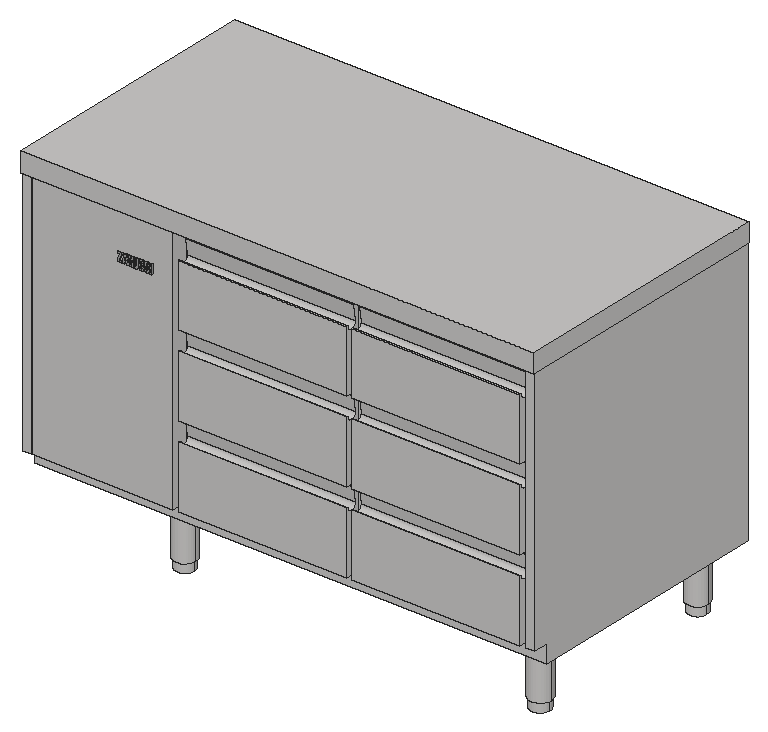
Revit family "QF_ZANUSSI_111033_ZH2HBCC", category Specialty Equipment, Revit 2018 (continued)
Definition of nested family "ZAN_Cooling Unit"
  Lines and regions (mm)
    Split face 128
      outline origin (55.016, 2, -281.14) x (0, 0, 1) y (-1, 0, 0)
        loop
          line (502.647, 158.547) -> (502.647, 116.535)
          arc (502.647, 116.535) -> (506.648, 112.533) -> (510.649, 116.535) r 4.001
          line (510.649, 116.535) -> (510.649, 158.547)
    Split face 129
      outline origin (55.016, 2, -293.144) x (0, 0, 1) y (-1, 0, 0)
        loop
          arc (510.649, 158.547) -> (506.648, 162.548) -> (502.647, 158.547) r 4.001
          line (502.647, 158.547) -> (502.647, 116.535)
          arc (502.647, 116.535) -> (506.648, 112.533) -> (510.649, 116.535) r 4.001
          line (510.649, 116.535) -> (510.649, 158.547)
    Split face 130
      outline origin (110.032, 2, -113.091) x (0, 0, 1) y (-1, 0, 0)
        loop
          arc (510.649, 158.547) -> (506.648, 162.548) -> (502.647, 158.547) r 4.001
          line (502.647, 158.547) -> (502.647, 116.535)
          arc (502.647, 116.535) -> (506.648, 112.533) -> (510.649, 116.535) r 4.001
          line (510.649, 116.535) -> (510.649, 158.547)
    Split face 131
      outline origin (110.032, 2, -125.094) x (0, 0, 1) y (-1, 0, 0)
        loop
          arc (510.649, 158.547) -> (506.648, 162.548) -> (502.647, 158.547) r 4.001
          line (502.647, 158.547) -> (502.647, 116.535)
          arc (502.647, 116.535) -> (506.648, 112.533) -> (510.649, 116.535) r 4.001
          line (510.649, 116.535) -> (510.649, 158.547)
    Split face 132
      outline origin (110.032, 2, -137.098) x (0, 0, 1) y (-1, 0, 0)
        loop
          arc (510.649, 158.547) -> (506.648, 162.548) -> (502.647, 158.547) r 4.001
          line (502.647, 158.547) -> (502.647, 116.535)
          arc (502.647, 116.535) -> (506.648, 112.533) -> (510.649, 116.535) r 4.001
          line (510.649, 116.535) -> (510.649, 158.547)
    Split face 133
      outline origin (110.032, 2, -149.101) x (0, 0, 1) y (-1, 0, 0)
        loop
          arc (510.649, 158.547) -> (506.648, 162.548) -> (502.647, 158.547) r 4.001
          line (502.647, 158.547) -> (502.647, 116.535)
          arc (502.647, 116.535) -> (506.648, 112.533) -> (510.649, 116.535) r 4.001
          line (510.649, 116.535) -> (510.649, 158.547)
    Split face 134
      outline origin (110.032, 2, -161.105) x (0, 0, 1) y (-1, 0, 0)
        loop
          arc (510.649, 158.547) -> (506.648, 162.548) -> (502.647, 158.547) r 4.001
          line (502.647, 158.547) -> (502.647, 116.535)
          arc (502.647, 116.535) -> (506.648, 112.533) -> (510.649, 116.535) r 4.001
          line (510.649, 116.535) -> (510.649, 158.547)
    Split face 135
      outline origin (110.032, 2, -173.108) x (0, 0, 1) y (-1, 0, 0)
        loop
          arc (510.649, 158.547) -> (506.648, 162.548) -> (502.647, 158.547) r 4.001
          line (502.647, 158.547) -> (502.647, 116.535)
          arc (502.647, 116.535) -> (506.648, 112.533) -> (510.649, 116.535) r 4.001
          line (510.649, 116.535) -> (510.649, 158.547)
    Split face 136
      outline origin (110.032, 2, -185.112) x (0, 0, 1) y (-1, 0, 0)
        loop
          arc (510.649, 158.547) -> (506.648, 162.548) -> (502.647, 158.547) r 4.001
          line (502.647, 158.547) -> (502.647, 116.535)
          arc (502.647, 116.535) -> (506.648, 112.533) -> (510.649, 116.535) r 4.001
          line (510.649, 116.535) -> (510.649, 158.547)
    Split face 137
      outline origin (110.032, 2, -197.115) x (0, 0, 1) y (-1, 0, 0)
        loop
          arc (510.649, 158.547) -> (506.648, 162.548) -> (502.647, 158.547) r 4.001
          line (502.647, 158.547) -> (502.647, 116.535)
          arc (502.647, 116.535) -> (506.648, 112.533) -> (510.649, 116.535) r 4.001
          line (510.649, 116.535) -> (510.649, 158.547)
    Split face 138
      outline origin (110.032, 2, -209.119) x (0, 0, 1) y (-1, 0, 0)
        loop
          arc (510.649, 158.547) -> (506.648, 162.548) -> (502.647, 158.547) r 4.001
          line (502.647, 158.547) -> (502.647, 116.535)
          arc (502.647, 116.535) -> (506.648, 112.533) -> (510.649, 116.535) r 4.001
          line (510.649, 116.535) -> (510.649, 158.547)
    Split face 139
      outline origin (110.032, 2, -221.122) x (0, 0, 1) y (-1, 0, 0)
        loop
          arc (510.649, 158.547) -> (506.648, 162.548) -> (502.647, 158.547) r 4.001
          line (502.647, 158.547) -> (502.647, 116.535)
          arc (502.647, 116.535) -> (506.648, 112.533) -> (510.649, 116.535) r 4.001
          line (510.649, 116.535) -> (510.649, 158.547)
    Split face 140
      outline origin (110.032, 2, -233.126) x (0, 0, 1) y (-1, 0, 0)
        loop
          arc (510.649, 158.547) -> (506.648, 162.548) -> (502.647, 158.547) r 4.001
          line (502.647, 158.547) -> (502.647, 116.535)
          arc (502.647, 116.535) -> (506.648, 112.533) -> (510.649, 116.535) r 4.001
          line (510.649, 116.535) -> (510.649, 158.547)
    Split face 141
      outline origin (110.032, 2, -245.129) x (0, 0, 1) y (-1, 0, 0)
        loop
          arc (510.649, 158.547) -> (506.648, 162.548) -> (502.647, 158.547) r 4.001
          line (502.647, 158.547) -> (502.647, 116.535)
          arc (502.647, 116.535) -> (506.648, 112.533) -> (510.649, 116.535) r 4.001
          line (510.649, 116.535) -> (510.649, 158.547)
    Split face 142
      outline origin (110.032, 2, -257.133) x (0, 0, 1) y (-1, 0, 0)
        loop
          arc (510.649, 158.547) -> (506.648, 162.548) -> (502.647, 158.547) r 4.001
          line (502.647, 158.547) -> (502.647, 116.535)
          arc (502.647, 116.535) -> (506.648, 112.533) -> (510.649, 116.535) r 4.001
          line (510.649, 116.535) -> (510.649, 158.547)
    Split face 143
      outline origin (110.032, 2, -269.136) x (0, 0, 1) y (-1, 0, 0)
        loop
          arc (510.649, 158.547) -> (506.648, 162.548) -> (502.647, 158.547) r 4.001
          line (502.647, 158.547) -> (502.647, 116.535)
          arc (502.647, 116.535) -> (506.648, 112.533) -> (510.649, 116.535) r 4.001
          line (510.649, 116.535) -> (510.649, 158.547)
    Split face 144
      outline origin (110.032, 2, -281.14) x (0, 0, 1) y (-1, 0, 0)
        loop
          arc (510.649, 158.547) -> (506.648, 162.548) -> (502.647, 158.547) r 4.001
          line (502.647, 158.547) -> (502.647, 116.535)
          arc (502.647, 116.535) -> (506.648, 112.533) -> (510.649, 116.535) r 4.001
          line (510.649, 116.535) -> (510.649, 158.547)
    Split face 145
      outline origin (110.032, 2, -293.144) x (0, 0, 1) y (-1, 0, 0)
        loop
          arc (510.649, 158.547) -> (506.648, 162.548) -> (502.647, 158.547) r 4.001
          line (502.647, 158.547) -> (502.647, 116.535)
          arc (502.647, 116.535) -> (506.648, 112.533) -> (510.649, 116.535) r 4.001
          line (510.649, 116.535) -> (510.649, 158.547)
    Split face 146
      outline origin (165.048, 2, -113.091) x (0, 0, 1) y (-1, 0, 0)
        loop
          arc (510.649, 158.547) -> (506.648, 162.548) -> (502.647, 158.547) r 4.001
          line (502.647, 158.547) -> (502.647, 116.535)
          arc (502.647, 116.535) -> (506.648, 112.533) -> (510.649, 116.535) r 4.001
          line (510.649, 116.535) -> (510.649, 158.547)
    Split face 147
      outline origin (165.048, 2, -125.094) x (0, 0, 1) y (-1, 0, 0)
        loop
          arc (510.649, 158.547) -> (506.648, 162.548) -> (502.647, 158.547) r 4.001
          line (502.647, 158.547) -> (502.647, 116.535)
          arc (502.647, 116.535) -> (506.648, 112.533) -> (510.649, 116.535) r 4.001
          line (510.649, 116.535) -> (510.649, 158.547)
    Split face 148
      outline origin (165.048, 2, -137.098) x (0, 0, 1) y (-1, 0, 0)
        loop
          arc (510.649, 158.547) -> (506.648, 162.548) -> (502.647, 158.547) r 4.001
          line (502.647, 158.547) -> (502.647, 116.535)
          arc (502.647, 116.535) -> (506.648, 112.533) -> (510.649, 116.535) r 4.001
          line (510.649, 116.535) -> (510.649, 158.547)
    Split face 149
      outline origin (165.048, 2, -149.101) x (0, 0, 1) y (-1, 0, 0)
        loop
          arc (510.649, 158.547) -> (506.648, 162.548) -> (502.647, 158.547) r 4.001
          line (502.647, 158.547) -> (502.647, 116.535)
          arc (502.647, 116.535) -> (506.648, 112.533) -> (510.649, 116.535) r 4.001
          line (510.649, 116.535) -> (510.649, 158.547)
    Split face 150
      outline origin (165.048, 2, -161.105) x (0, 0, 1) y (-1, 0, 0)
        loop
          arc (510.649, 158.547) -> (506.648, 162.548) -> (502.647, 158.547) r 4.001
          line (502.647, 158.547) -> (502.647, 116.535)
          arc (502.647, 116.535) -> (506.648, 112.533) -> (510.649, 116.535) r 4.001
          line (510.649, 116.535) -> (510.649, 158.547)
    Split face 151
      outline origin (165.048, 2, -173.108) x (0, 0, 1) y (-1, 0, 0)
        loop
          arc (510.649, 158.547) -> (506.648, 162.548) -> (502.647, 158.547) r 4.001
          line (502.647, 158.547) -> (502.647, 116.535)
          arc (502.647, 116.535) -> (506.648, 112.533) -> (510.649, 116.535) r 4.001
          line (510.649, 116.535) -> (510.649, 158.547)
    Split face 152
      outline origin (165.048, 2, -185.112) x (0, 0, 1) y (-1, 0, 0)
        loop
          arc (510.649, 158.547) -> (506.648, 162.548) -> (502.647, 158.547) r 4.001
          line (502.647, 158.547) -> (502.647, 116.535)
          arc (502.647, 116.535) -> (506.648, 112.533) -> (510.649, 116.535) r 4.001
          line (510.649, 116.535) -> (510.649, 158.547)
    Split face 153
      outline origin (165.048, 2, -197.115) x (0, 0, 1) y (-1, 0, 0)
        loop
          arc (510.649, 158.547) -> (506.648, 162.548) -> (502.647, 158.547) r 4.001
          line (502.647, 158.547) -> (502.647, 116.535)
          arc (502.647, 116.535) -> (506.648, 112.533) -> (510.649, 116.535) r 4.001
          line (510.649, 116.535) -> (510.649, 158.547)
    Split face 154
      outline origin (165.048, 2, -209.119) x (0, 0, 1) y (-1, 0, 0)
        loop
          arc (510.649, 158.547) -> (506.648, 162.548) -> (502.647, 158.547) r 4.001
          line (502.647, 158.547) -> (502.647, 116.535)
          arc (502.647, 116.535) -> (506.648, 112.533) -> (510.649, 116.535) r 4.001
          line (510.649, 116.535) -> (510.649, 158.547)
    Split face 155
      outline origin (165.048, 2, -221.122) x (0, 0, 1) y (-1, 0, 0)
        loop
          arc (510.649, 158.547) -> (506.648, 162.548) -> (502.647, 158.547) r 4.001
          line (502.647, 158.547) -> (502.647, 116.535)
          arc (502.647, 116.535) -> (506.648, 112.533) -> (510.649, 116.535) r 4.001
          line (510.649, 116.535) -> (510.649, 158.547)
    Split face 156
      outline origin (165.048, 2, -233.126) x (0, 0, 1) y (-1, 0, 0)
        loop
          arc (510.649, 158.547) -> (506.648, 162.548) -> (502.647, 158.547) r 4.001
          line (502.647, 158.547) -> (502.647, 116.535)
          arc (502.647, 116.535) -> (506.648, 112.533) -> (510.649, 116.535) r 4.001
          line (510.649, 116.535) -> (510.649, 158.547)
    Split face 157
      outline origin (165.048, 2, -245.129) x (0, 0, 1) y (-1, 0, 0)
        loop
          arc (510.649, 158.547) -> (506.648, 162.548) -> (502.647, 158.547) r 4.001
          line (502.647, 158.547) -> (502.647, 116.535)
          arc (502.647, 116.535) -> (506.648, 112.533) -> (510.649, 116.535) r 4.001
          line (510.649, 116.535) -> (510.649, 158.547)
    Split face 158
      outline origin (165.048, 2, -257.133) x (0, 0, 1) y (-1, 0, 0)
        loop
          arc (510.649, 158.547) -> (506.648, 162.548) -> (502.647, 158.547) r 4.001
          line (502.647, 158.547) -> (502.647, 116.535)
          arc (502.647, 116.535) -> (506.648, 112.533) -> (510.649, 116.535) r 4.001
          line (510.649, 116.535) -> (510.649, 158.547)
    Split face 159
      outline origin (165.048, 2, -269.136) x (0, 0, 1) y (-1, 0, 0)
        loop
          arc (510.649, 158.547) -> (506.648, 162.548) -> (502.647, 158.547) r 4.001
          line (502.647, 158.547) -> (502.647, 116.535)
          arc (502.647, 116.535) -> (506.648, 112.533) -> (510.649, 116.535) r 4.001
          line (510.649, 116.535) -> (510.649, 158.547)
    Split face 160
      outline origin (165.048, 2, -281.14) x (0, 0, 1) y (-1, 0, 0)
        loop
          arc (510.649, 158.547) -> (506.648, 162.548) -> (502.647, 158.547) r 4.001
          line (502.647, 158.547) -> (502.647, 116.535)
          arc (502.647, 116.535) -> (506.648, 112.533) -> (510.649, 116.535) r 4.001
          line (510.649, 116.535) -> (510.649, 158.547)
    Split face 161
      outline origin (165.048, 2, -293.144) x (0, 0, 1) y (-1, 0, 0)
        loop
          arc (510.649, 158.547) -> (506.648, 162.548) -> (502.647, 158.547) r 4.001
          line (502.647, 158.547) -> (502.647, 116.535)
          arc (502.647, 116.535) -> (506.648, 112.533) -> (510.649, 116.535) r 4.001
          line (510.649, 116.535) -> (510.649, 158.547)
    Split face 162
      outline origin (220.064, 2, -113.091) x (0, 0, 1) y (-1, 0, 0)
        loop
          arc (510.649, 158.547) -> (506.648, 162.548) -> (502.647, 158.547) r 4.001
          line (502.647, 158.547) -> (502.647, 116.535)
          arc (502.647, 116.535) -> (506.648, 112.533) -> (510.649, 116.535) r 4.001
          line (510.649, 116.535) -> (510.649, 158.547)
    Split face 163
      outline origin (220.064, 2, -125.094) x (0, 0, 1) y (-1, 0, 0)
        loop
          arc (510.649, 158.547) -> (506.648, 162.548) -> (502.647, 158.547) r 4.001
          line (502.647, 158.547) -> (502.647, 116.535)
          arc (502.647, 116.535) -> (506.648, 112.533) -> (510.649, 116.535) r 4.001
          line (510.649, 116.535) -> (510.649, 158.547)
    Split face 164
      outline origin (220.064, 2, -137.098) x (0, 0, 1) y (-1, 0, 0)
        loop
          arc (510.649, 158.547) -> (506.648, 162.548) -> (502.647, 158.547) r 4.001
          line (502.647, 158.547) -> (502.647, 116.535)
          arc (502.647, 116.535) -> (506.648, 112.533) -> (510.649, 116.535) r 4.001
          line (510.649, 116.535) -> (510.649, 158.547)
    Split face 165
      outline origin (220.064, 2, -149.101) x (0, 0, 1) y (-1, 0, 0)
        loop
          arc (510.649, 158.547) -> (506.648, 162.548) -> (502.647, 158.547) r 4.001
          line (502.647, 158.547) -> (502.647, 116.535)
          arc (502.647, 116.535) -> (506.648, 112.533) -> (510.649, 116.535) r 4.001
          line (510.649, 116.535) -> (510.649, 158.547)
    Split face 166
      outline origin (220.064, 2, -161.105) x (0, 0, 1) y (-1, 0, 0)
        loop
          arc (510.649, 158.547) -> (506.648, 162.548) -> (502.647, 158.547) r 4.001
          line (502.647, 158.547) -> (502.647, 116.535)
          arc (502.647, 116.535) -> (506.648, 112.533) -> (510.649, 116.535) r 4.001
          line (510.649, 116.535) -> (510.649, 158.547)
    Split face 167
      outline origin (220.064, 2, -173.108) x (0, 0, 1) y (-1, 0, 0)
        loop
          arc (510.649, 158.547) -> (506.648, 162.548) -> (502.647, 158.547) r 4.001
          line (502.647, 158.547) -> (502.647, 116.535)
          arc (502.647, 116.535) -> (506.648, 112.533) -> (510.649, 116.535) r 4.001
          line (510.649, 116.535) -> (510.649, 158.547)
    Split face 168
      outline origin (220.064, 2, -185.112) x (0, 0, 1) y (-1, 0, 0)
        loop
          arc (510.649, 158.547) -> (506.648, 162.548) -> (502.647, 158.547) r 4.001
          line (502.647, 158.547) -> (502.647, 116.535)
          arc (502.647, 116.535) -> (506.648, 112.533) -> (510.649, 116.535) r 4.001
          line (510.649, 116.535) -> (510.649, 158.547)
    Split face 169
      outline origin (220.064, 2, -197.115) x (0, 0, 1) y (-1, 0, 0)
        loop
          arc (510.649, 158.547) -> (506.648, 162.548) -> (502.647, 158.547) r 4.001
          line (502.647, 158.547) -> (502.647, 116.535)
          arc (502.647, 116.535) -> (506.648, 112.533) -> (510.649, 116.535) r 4.001
          line (510.649, 116.535) -> (510.649, 158.547)
    Split face 170
      outline origin (220.064, 2, -209.119) x (0, 0, 1) y (-1, 0, 0)
        loop
          arc (510.649, 158.547) -> (506.648, 162.548) -> (502.647, 158.547) r 4.001
          line (502.647, 158.547) -> (502.647, 116.535)
          arc (502.647, 116.535) -> (506.648, 112.533) -> (510.649, 116.535) r 4.001
          line (510.649, 116.535) -> (510.649, 158.547)
    Split face 171
      outline origin (220.064, 2, -221.122) x (0, 0, 1) y (-1, 0, 0)
        loop
          arc (510.649, 158.547) -> (506.648, 162.548) -> (502.647, 158.547) r 4.001
          line (502.647, 158.547) -> (502.647, 116.535)
          arc (502.647, 116.535) -> (506.648, 112.533) -> (510.649, 116.535) r 4.001
          line (510.649, 116.535) -> (510.649, 158.547)
    Split face 172
      outline origin (220.064, 2, -233.126) x (0, 0, 1) y (-1, 0, 0)
        loop
          arc (510.649, 158.547) -> (506.648, 162.548) -> (502.647, 158.547) r 4.001
          line (502.647, 158.547) -> (502.647, 116.535)
          arc (502.647, 116.535) -> (506.648, 112.533) -> (510.649, 116.535) r 4.001
          line (510.649, 116.535) -> (510.649, 158.547)
    Split face 173
      outline origin (220.064, 2, -245.129) x (0, 0, 1) y (-1, 0, 0)
        loop
          arc (510.649, 158.547) -> (506.648, 162.548) -> (502.647, 158.547) r 4.001
          line (502.647, 158.547) -> (502.647, 116.535)
          arc (502.647, 116.535) -> (506.648, 112.533) -> (510.649, 116.535) r 4.001
          line (510.649, 116.535) -> (510.649, 158.547)
    Split face 174
      outline origin (220.064, 2, -257.133) x (0, 0, 1) y (-1, 0, 0)
        loop
          arc (510.649, 158.547) -> (506.648, 162.548) -> (502.647, 158.547) r 4.001
          line (502.647, 158.547) -> (502.647, 116.535)
          arc (502.647, 116.535) -> (506.648, 112.533) -> (510.649, 116.535) r 4.001
          line (510.649, 116.535) -> (510.649, 158.547)
    Split face 175
      outline origin (220.064, 2, -269.136) x (0, 0, 1) y (-1, 0, 0)
        loop
          arc (510.649, 158.547) -> (506.648, 162.548) -> (502.647, 158.547) r 4.001
          line (502.647, 158.547) -> (502.647, 116.535)
          arc (502.647, 116.535) -> (506.648, 112.533) -> (510.649, 116.535) r 4.001
          line (510.649, 116.535) -> (510.649, 158.547)
    Split face 176
      outline origin (220.064, 2, -281.14) x (0, 0, 1) y (-1, 0, 0)
        loop
          arc (510.649, 158.547) -> (506.648, 162.548) -> (502.647, 158.547) r 4.001
          line (502.647, 158.547) -> (502.647, 116.535)
          arc (502.647, 116.535) -> (506.648, 112.533) -> (510.649, 116.535) r 4.001
          line (510.649, 116.535) -> (510.649, 158.547)
    Split face 177
      outline origin (220.064, 2, -293.144) x (0, 0, 1) y (-1, 0, 0)
        loop
          arc (510.649, 158.547) -> (506.648, 162.548) -> (502.647, 158.547) r 4.001
          line (502.647, 158.547) -> (502.647, 116.535)
          arc (502.647, 116.535) -> (506.648, 112.533) -> (510.649, 116.535) r 4.001
          line (510.649, 116.535) -> (510.649, 158.547)
    Split face 178
      outline origin (275.081, 2, -113.091) x (0, 0, 1) y (-1, 0, 0)
        loop
          arc (510.649, 158.547) -> (506.648, 162.548) -> (502.647, 158.547) r 4.001
          line (502.647, 158.547) -> (502.647, 116.535)
          arc (502.647, 116.535) -> (506.648, 112.533) -> (510.649, 116.535) r 4.001
          line (510.649, 116.535) -> (510.649, 158.547)
    Split face 179
      outline origin (275.081, 2, -125.094) x (0, 0, 1) y (-1, 0, 0)
        loop
          arc (510.649, 158.547) -> (506.648, 162.548) -> (502.647, 158.547) r 4.001
          line (502.647, 158.547) -> (502.647, 116.535)
          arc (502.647, 116.535) -> (506.648, 112.533) -> (510.649, 116.535) r 4.001
          line (510.649, 116.535) -> (510.649, 158.547)
    Split face 180
      outline origin (275.081, 2, -137.098) x (0, 0, 1) y (-1, 0, 0)
        loop
          arc (510.649, 158.547) -> (506.648, 162.548) -> (502.647, 158.547) r 4.001
          line (502.647, 158.547) -> (502.647, 116.535)
          arc (502.647, 116.535) -> (506.648, 112.533) -> (510.649, 116.535) r 4.001
          line (510.649, 116.535) -> (510.649, 158.547)
    Split face 181
      outline origin (275.081, 2, -149.101) x (0, 0, 1) y (-1, 0, 0)
        loop
          arc (510.649, 158.547) -> (506.648, 162.548) -> (502.647, 158.547) r 4.001
          line (502.647, 158.547) -> (502.647, 116.535)
          arc (502.647, 116.535) -> (506.648, 112.533) -> (510.649, 116.535) r 4.001
          line (510.649, 116.535) -> (510.649, 158.547)
    Split face 182
      outline origin (275.081, 2, -161.105) x (0, 0, 1) y (-1, 0, 0)
        loop
          arc (510.649, 158.547) -> (506.648, 162.548) -> (502.647, 158.547) r 4.001
          line (502.647, 158.547) -> (502.647, 116.535)
          arc (502.647, 116.535) -> (506.648, 112.533) -> (510.649, 116.535) r 4.001
          line (510.649, 116.535) -> (510.649, 158.547)
    Split face 183
      outline origin (275.081, 2, -173.108) x (0, 0, 1) y (-1, 0, 0)
        loop
          arc (510.649, 158.547) -> (506.648, 162.548) -> (502.647, 158.547) r 4.001
          line (502.647, 158.547) -> (502.647, 116.535)
          arc (502.647, 116.535) -> (506.648, 112.533) -> (510.649, 116.535) r 4.001
          line (510.649, 116.535) -> (510.649, 158.547)
    Split face 184
      outline origin (275.081, 2, -185.112) x (0, 0, 1) y (-1, 0, 0)
        loop
          arc (510.649, 158.547) -> (506.648, 162.548) -> (502.647, 158.547) r 4.001
          line (502.647, 158.547) -> (502.647, 116.535)
          arc (502.647, 116.535) -> (506.648, 112.533) -> (510.649, 116.535) r 4.001
          line (510.649, 116.535) -> (510.649, 158.547)
    Split face 185
      outline origin (275.081, 2, -197.115) x (0, 0, 1) y (-1, 0, 0)
        loop
          arc (510.649, 158.547) -> (506.648, 162.548) -> (502.647, 158.547) r 4.001
          line (502.647, 158.547) -> (502.647, 116.535)
          arc (502.647, 116.535) -> (506.648, 112.533) -> (510.649, 116.535) r 4.001
          line (510.649, 116.535) -> (510.649, 158.547)
    Split face 186
      outline origin (275.081, 2, -209.119) x (0, 0, 1) y (-1, 0, 0)
        loop
          arc (510.649, 158.547) -> (506.648, 162.548) -> (502.647, 158.547) r 4.001
          line (502.647, 158.547) -> (502.647, 116.535)
          arc (502.647, 116.535) -> (506.648, 112.533) -> (510.649, 116.535) r 4.001
          line (510.649, 116.535) -> (510.649, 158.547)
    Split face 187
      outline origin (275.081, 2, -221.122) x (0, 0, 1) y (-1, 0, 0)
        loop
          arc (510.649, 158.547) -> (506.648, 162.548) -> (502.647, 158.547) r 4.001
          line (502.647, 158.547) -> (502.647, 116.535)
          arc (502.647, 116.535) -> (506.648, 112.533) -> (510.649, 116.535) r 4.001
          line (510.649, 116.535) -> (510.649, 158.547)
    Split face 188
      outline origin (275.081, 2, -233.126) x (0, 0, 1) y (-1, 0, 0)
        loop
          arc (510.649, 158.547) -> (506.648, 162.548) -> (502.647, 158.547) r 4.001
          line (502.647, 158.547) -> (502.647, 116.535)
          arc (502.647, 116.535) -> (506.648, 112.533) -> (510.649, 116.535) r 4.001
          line (510.649, 116.535) -> (510.649, 158.547)
    Split face 189
      outline origin (275.081, 2, -245.129) x (0, 0, 1) y (-1, 0, 0)
        loop
          arc (510.649, 158.547) -> (506.648, 162.548) -> (502.647, 158.547) r 4.001
          line (502.647, 158.547) -> (502.647, 116.535)
          arc (502.647, 116.535) -> (506.648, 112.533) -> (510.649, 116.535) r 4.001
          line (510.649, 116.535) -> (510.649, 158.547)
    Split face 190
      outline origin (275.081, 2, -257.133) x (0, 0, 1) y (-1, 0, 0)
        loop
          arc (510.649, 158.547) -> (506.648, 162.548) -> (502.647, 158.547) r 4.001
          line (502.647, 158.547) -> (502.647, 116.535)
          arc (502.647, 116.535) -> (506.648, 112.533) -> (510.649, 116.535) r 4.001
          line (510.649, 116.535) -> (510.649, 158.547)
    Split face 191
      outline origin (275.081, 2, -269.136) x (0, 0, 1) y (-1, 0, 0)
        loop
          arc (510.649, 158.547) -> (506.648, 162.548) -> (502.647, 158.547) r 4.001
          line (502.647, 158.547) -> (502.647, 116.535)
          arc (502.647, 116.535) -> (506.648, 112.533) -> (510.649, 116.535) r 4.001
          line (510.649, 116.535) -> (510.649, 158.547)
    Split face 192
      outline origin (275.081, 2, -281.14) x (0, 0, 1) y (-1, 0, 0)
        loop
          arc (510.649, 158.547) -> (506.648, 162.548) -> (502.647, 158.547) r 4.001
          line (502.647, 158.547) -> (502.647, 116.535)
          arc (502.647, 116.535) -> (506.648, 112.533) -> (510.649, 116.535) r 4.001
          line (510.649, 116.535) -> (510.649, 158.547)
    Split face 193
      outline origin (275.081, 2, -293.144) x (0, 0, 1) y (-1, 0, 0)
        loop
          arc (510.649, 158.547) -> (506.648, 162.548) -> (502.647, 158.547) r 4.001
          line (502.647, 158.547) -> (502.647, 116.535)
          arc (502.647, 116.535) -> (506.648, 112.533) -> (510.649, 116.535) r 4.001
          line (510.649, 116.535) -> (510.649, 158.547)
    Split face 194
      outline origin (0, 2, 197) x (0, 0, 1) y (-1, 0, 0)
        loop
          spline (566.835, 20.381) -> (564.628, 19.058) -> (561.987, 18.027) -> (558.955, 17.386) -> (555.581, 17.244) -> (551.912, 17.703) -> (547.993, 18.863) -> (543.871, 20.83) -> (539.591, 23.706) -> (535.202, 27.594) -> (530.748, 32.597) -> (526.28, 38.824) -> (521.835, 46.362)
        loop
          spline (521.835, 58.392) -> (525.386, 49.242) -> (529.197, 41.481) -> (533.2, 35.023) -> (537.329, 29.786) -> (541.516, 25.684) -> (545.695, 22.634) -> (549.798, 20.552) -> (553.759, 19.355) -> (557.511, 18.958) -> (560.984, 19.275) -> (564.115, 20.227) -> (566.835, 21.726)
    Split face 195
      outline origin (0, 2, 197) x (0, 0, 1) y (-1, 0, 0)
        loop
          line (555.835, 149.5) -> (532.835, 149.5) -> (532.835, 94.5) -> (555.835, 94.5) -> (555.835, 149.5)
  Dimensions and locks
    aligned and locked: level to plane 2
  Nested families
    nested 1: "ZAN_Logo_S_Grey" at (85, 2, 741.213) x (1, 0, 0) z (0, -1, 0), visible <- "Show Logo", type "ZAN_Logo_S_Grey"
  Definition of nested family "ZAN_Logo_S_Grey"
    Parameters
      Default Elevation = 0 mm
    Reference planes
      plane 1 "Centro (Fronte/Retro)": y = 0
      plane 2: z = 0
      plane 3 "Centro (Sinistra/Destra)": x = 0
    Forms (mm)
      Extrusion 1, solid
        sketch origin (0, 0, 0) x (1, 0, 0) y (0, 1, 0)
          loop
            line (-1219.2, 1219.2) -> (-1219.2, -1219.2) -> (1219.2, -1219.2) -> (1219.2, 1219.2) -> (-1219.2, 1219.2)
        from 0 to -304.8
      Extrusion 2, solid
        sketch origin (17.793, -46.218, 0) x (-1, 0, 0) y (0, -1, 0)
          loop
            spline (-4.176, -58.079) -> (-3.496, -58.328) -> (-2.793, -58.512) -> (-2.075, -58.63) -> (-1.348, -58.682) -> (-0.619, -58.669) -> (0.106, -58.588) -> (0.818, -58.44) -> (1.512, -58.225) -> (2.18, -57.941) -> (2.817, -57.589) -> (3.414, -57.167) -> (3.966, -56.676)
            spline (3.966, -56.676) -> (4.293, -56.162) -> (4.575, -55.61) -> (4.81, -55.026) -> (5, -54.419) -> (5.146, -53.797) -> (5.247, -53.166) -> (5.304, -52.536) -> (5.318, -51.913) -> (5.288, -51.306) -> (5.217, -50.723) -> (5.103, -50.17) -> (4.949, -49.657)
            line (4.949, -49.657) -> (2.702, -46.428) -> (0.316, -44.323)
            spline (0.316, -44.323) -> (0.065, -44.115) -> (-0.195, -43.909) -> (-0.46, -43.704) -> (-0.729, -43.496) -> (-0.997, -43.282) -> (-1.263, -43.059) -> (-1.523, -42.825) -> (-1.774, -42.576) -> (-2.013, -42.309) -> (-2.238, -42.022) -> (-2.445, -41.712) -> (-2.632, -41.375)
            spline (-2.632, -41.375) -> (-2.666, -41.159) -> (-2.697, -40.934) -> (-2.722, -40.701) -> (-2.736, -40.465) -> (-2.736, -40.227) -> (-2.72, -39.989) -> (-2.682, -39.754) -> (-2.621, -39.524) -> (-2.533, -39.302) -> (-2.414, -39.091) -> (-2.261, -38.892) -> (-2.07, -38.708)
            line (-2.07, -38.708) -> (-0.245, -38.567)
            spline (-0.245, -38.567) -> (0.096, -38.8) -> (0.354, -39.074) -> (0.54, -39.381) -> (0.664, -39.716) -> (0.738, -40.073) -> (0.772, -40.445) -> (0.777, -40.825) -> (0.763, -41.208) -> (0.742, -41.588) -> (0.723, -41.957) -> (0.718, -42.309) -> (0.737, -42.638)
            line (0.737, -42.638) -> (5.65, -42.638)
            spline (5.65, -42.638) -> (5.708, -42.042) -> (5.741, -41.448) -> (5.747, -40.857) -> (5.723, -40.273) -> (5.668, -39.696) -> (5.58, -39.129) -> (5.457, -38.574) -> (5.297, -38.032) -> (5.098, -37.506) -> (4.857, -36.997) -> (4.574, -36.508) -> (4.247, -36.041)
            spline (4.247, -36.041) -> (3.844, -35.675) -> (3.409, -35.35) -> (2.946, -35.065) -> (2.458, -34.819) -> (1.949, -34.612) -> (1.421, -34.444) -> (0.88, -34.314) -> (0.326, -34.221) -> (-0.234, -34.165) -> (-0.8, -34.146) -> (-1.366, -34.163) -> (-1.93, -34.216)
            spline (-1.93, -34.216) -> (-2.526, -34.309) -> (-3.116, -34.448) -> (-3.695, -34.633) -> (-4.259, -34.861) -> (-4.801, -35.131) -> (-5.316, -35.444) -> (-5.799, -35.798) -> (-6.245, -36.191) -> (-6.648, -36.624) -> (-7.002, -37.095) -> (-7.303, -37.603) -> (-7.545, -38.146)
            spline (-7.545, -38.146) -> (-7.694, -38.815) -> (-7.792, -39.487) -> (-7.839, -40.158) -> (-7.836, -40.824) -> (-7.785, -41.482) -> (-7.685, -42.129) -> (-7.539, -42.762) -> (-7.347, -43.377) -> (-7.111, -43.97) -> (-6.83, -44.538) -> (-6.506, -45.078) -> (-6.141, -45.586)
            line (-6.141, -45.586) -> (-0.526, -50.64) -> (0.176, -51.482)
            spline (0.176, -51.482) -> (0.248, -51.66) -> (0.323, -51.843) -> (0.397, -52.03) -> (0.467, -52.22) -> (0.529, -52.412) -> (0.579, -52.605) -> (0.615, -52.798) -> (0.633, -52.989) -> (0.63, -53.179) -> (0.601, -53.366) -> (0.545, -53.55) -> (0.456, -53.728)
            spline (0.456, -53.728) -> (0.375, -53.892) -> (0.273, -54.034) -> (0.154, -54.155) -> (0.02, -54.258) -> (-0.126, -54.343) -> (-0.28, -54.412) -> (-0.441, -54.466) -> (-0.604, -54.508) -> (-0.767, -54.537) -> (-0.928, -54.556) -> (-1.082, -54.567) -> (-1.228, -54.57)
            line (-1.228, -54.57) -> (-2.632, -53.587) -> (-2.772, -50.64) -> (-7.405, -50.64)
            spline (-7.405, -50.64) -> (-7.41, -51.031) -> (-7.423, -51.432) -> (-7.44, -51.839) -> (-7.456, -52.251) -> (-7.469, -52.665) -> (-7.475, -53.079) -> (-7.468, -53.489) -> (-7.446, -53.894) -> (-7.404, -54.291) -> (-7.339, -54.679) -> (-7.247, -55.053) -> (-7.123, -55.412)
            spline (-7.123, -55.412) -> (-6.999, -55.693) -> (-6.837, -55.97) -> (-6.643, -56.244) -> (-6.422, -56.509) -> (-6.177, -56.765) -> (-5.913, -57.009) -> (-5.634, -57.238) -> (-5.346, -57.45) -> (-5.051, -57.643) -> (-4.755, -57.814) -> (-4.462, -57.96) -> (-4.176, -58.079)
          loop
            spline (-21.021, -55.552) -> (-20.633, -56.181) -> (-20.177, -56.736) -> (-19.661, -57.217) -> (-19.092, -57.627) -> (-18.478, -57.966) -> (-17.827, -58.237) -> (-17.147, -58.441) -> (-16.446, -58.578) -> (-15.73, -58.652) -> (-15.009, -58.662) -> (-14.29, -58.611) -> (-13.581, -58.5)
            spline (-13.581, -58.5) -> (-13.088, -58.407) -> (-12.595, -58.269) -> (-12.109, -58.088) -> (-11.636, -57.866) -> (-11.183, -57.605) -> (-10.756, -57.307) -> (-10.361, -56.974) -> (-10.004, -56.608) -> (-9.692, -56.211) -> (-9.431, -55.784) -> (-9.228, -55.33) -> (-9.089, -54.851)
            spline (-9.089, -54.851) -> (-8.873, -54.211) -> (-8.715, -53.559) -> (-8.615, -52.901) -> (-8.574, -52.241) -> (-8.592, -51.585) -> (-8.668, -50.938) -> (-8.802, -50.306) -> (-8.995, -49.693) -> (-9.247, -49.106) -> (-9.557, -48.55) -> (-9.925, -48.03) -> (-10.352, -47.551)
            line (-10.352, -47.551) -> (-15.546, -42.919) -> (-16.669, -41.234)
            spline (-16.669, -41.234) -> (-16.704, -41.021) -> (-16.735, -40.804) -> (-16.761, -40.583) -> (-16.778, -40.361) -> (-16.784, -40.139) -> (-16.774, -39.919) -> (-16.748, -39.701) -> (-16.7, -39.488) -> (-16.63, -39.28) -> (-16.533, -39.08) -> (-16.406, -38.889) -> (-16.248, -38.708)
            line (-16.248, -38.708) -> (-14.844, -38.427)
            spline (-14.844, -38.427) -> (-14.347, -38.545) -> (-13.969, -38.749) -> (-13.695, -39.028) -> (-13.508, -39.368) -> (-13.393, -39.757) -> (-13.335, -40.182) -> (-13.318, -40.63) -> (-13.326, -41.089) -> (-13.344, -41.546) -> (-13.356, -41.988) -> (-13.347, -42.403) -> (-13.3, -42.779)
            line (-13.3, -42.779) -> (-8.387, -42.638)
            spline (-8.387, -42.638) -> (-8.326, -42.034) -> (-8.288, -41.417) -> (-8.277, -40.794) -> (-8.299, -40.169) -> (-8.357, -39.548) -> (-8.457, -38.936) -> (-8.604, -38.339) -> (-8.803, -37.762) -> (-9.058, -37.21) -> (-9.375, -36.689) -> (-9.758, -36.204) -> (-10.212, -35.76)
            spline (-10.212, -35.76) -> (-10.793, -35.336) -> (-11.409, -34.976) -> (-12.054, -34.679) -> (-12.723, -34.445) -> (-13.409, -34.273) -> (-14.107, -34.163) -> (-14.811, -34.115) -> (-15.515, -34.127) -> (-16.213, -34.2) -> (-16.899, -34.333) -> (-17.568, -34.526) -> (-18.213, -34.777)
            spline (-18.213, -34.777) -> (-18.496, -34.897) -> (-18.783, -35.044) -> (-19.071, -35.216) -> (-19.357, -35.412) -> (-19.639, -35.629) -> (-19.915, -35.865) -> (-20.182, -36.119) -> (-20.438, -36.389) -> (-20.681, -36.672) -> (-20.907, -36.967) -> (-21.115, -37.272) -> (-21.301, -37.585)
            spline (-21.301, -37.585) -> (-21.55, -38.26) -> (-21.734, -38.948) -> (-21.854, -39.647) -> (-21.91, -40.351) -> (-21.901, -41.057) -> (-21.828, -41.761) -> (-21.69, -42.459) -> (-21.489, -43.148) -> (-21.222, -43.823) -> (-20.892, -44.48) -> (-20.497, -45.116) -> (-20.038, -45.726)
            line (-20.038, -45.726) -> (-14.142, -51.061) -> (-13.44, -52.886) -> (-14.002, -54.289) -> (-15.265, -54.57) -> (-16.669, -53.587) -> (-16.81, -50.78) -> (-21.582, -50.64)
            spline (-21.582, -50.64) -> (-21.558, -51.063) -> (-21.55, -51.491) -> (-21.554, -51.92) -> (-21.561, -52.35) -> (-21.567, -52.778) -> (-21.565, -53.201) -> (-21.547, -53.619) -> (-21.509, -54.029) -> (-21.444, -54.43) -> (-21.345, -54.818) -> (-21.206, -55.193) -> (-21.021, -55.552)
          loop
            line (-22.424, -34.216) -> (-27.337, -34.216) -> (-27.337, -58.22) -> (-22.424, -58.22) -> (-22.424, -34.216)
          loop
            line (14.213, -39.971) -> (14.213, -58.22) -> (19.126, -58.22) -> (19.126, -42.077) -> (18.845, -38.146) -> (18.424, -37.164) -> (17.442, -35.9) -> (16.459, -35.199) -> (14.494, -34.356) -> (13.511, -34.216) -> (11.265, -34.216) -> (10.142, -34.497) -> (8.458, -35.479) -> (6.493, -38.287) -> (6.352, -39.269) -> (6.352, -58.22) -> (11.265, -58.22) -> (11.265, -40.392) -> (11.827, -39.129) -> (13.371, -38.988) -> (14.213, -39.971)
          loop
            line (20.249, -58.22) -> (24.741, -58.22) -> (24.741, -42.919) -> (28.812, -58.22) -> (34.006, -58.22) -> (34.006, -34.216) -> (29.654, -34.216) -> (29.654, -50.078) -> (25.583, -34.216) -> (20.249, -34.216) -> (20.249, -58.22)
          loop
            line (50.149, -58.22) -> (62.361, -58.22) -> (62.361, -53.728) -> (55.904, -53.868) -> (62.923, -39.129) -> (62.923, -34.216) -> (50.149, -34.216) -> (50.149, -39.129) -> (57.517, -39.129) -> (50.149, -54.149) -> (50.149, -58.22)
          loop
            line (38.778, -58.22) -> (45.516, -58.22) -> (49.868, -34.216) -> (44.814, -34.216) -> (44.113, -38.848) -> (40.042, -38.848) -> (39.34, -34.216) -> (34.286, -34.216) -> (38.778, -58.22)
          loop
            line (43.551, -43.2) -> (40.744, -43.2) -> (42.147, -54.117) -> (43.551, -43.2)
        from 0 to 1.644
    Dimensions and locks
      aligned and locked: plane 2 to Extrusion 1
      aligned and locked: level to Extrusion 1
Definition of nested family "Refrigerator"
  Reference planes
    plane 1 "Center (Front/Back)": y = 0
    plane 2: z = 0
    plane 3 "Center (Left/Right)": x = 0
  Lines and regions (mm)
    detail lines, in view "Ref. Level"
      curve 1: spline (-500, 190, 0) -> (-493.185, 166.706, 0) -> (-473.205, 145, 0) -> (-441.421, 126.36, 0) -> (-400, 112.058, 0) -> (-351.764, 103.067, 0) -> (-300, 100, 0) -> (-248.236, 103.067, 0) -> (-200, 112.058, 0) -> (-158.579, 126.36, 0) -> (-126.795, 145, 0) -> (-106.815, 166.706, 0) -> (-100, 190, 0) -> (-106.815, 213.294, 0) -> (-126.795, 235, 0) -> (-158.579, 253.64, 0) -> (-200, 267.942, 0) -> (-248.236, 276.933, 0) -> (-300, 280, 0) -> (-351.764, 276.933, 0) -> (-400, 267.942, 0) -> (-441.421, 253.64, 0) -> (-473.205, 235, 0) -> (-493.185, 213.294, 0) -> (-500, 190, 0)
      curve 2: line (-300, 130, 0) -> (-300, 250, 0)
      curve 3: line (-351.962, 220, 0) -> (-248.038, 160, 0)
      curve 4: line (-351.962, 160, 0) -> (-248.038, 220, 0)
      curve 5: line (-280.884, 246.873, 0) -> (-300, 225, 0)
      curve 6: line (-300, 225, 0) -> (-319.116, 246.873, 0)
      curve 7: line (-330.311, 207.5, 0) -> (-339.696, 234.992, 0)
      curve 8: line (-358.812, 201.882, 0) -> (-330.311, 207.5, 0)
      curve 9: line (-330.311, 172.5, 0) -> (-358.812, 178.118, 0)
      curve 10: line (-339.696, 145.008, 0) -> (-330.311, 172.5, 0)
      curve 11: line (-300, 155, 0) -> (-319.116, 133.127, 0)
      curve 12: line (-280.884, 133.127, 0) -> (-300, 155, 0)
      curve 13: line (-269.689, 172.5, 0) -> (-260.304, 145.008, 0)
      curve 14: line (-241.188, 178.118, 0) -> (-269.689, 172.5, 0)
      curve 15: line (-269.689, 207.5, 0) -> (-241.188, 201.882, 0)
      curve 16: line (-260.304, 234.992, 0) -> (-269.689, 207.5, 0)
